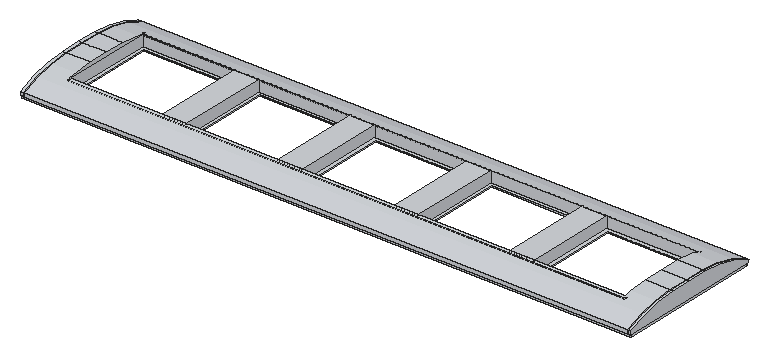
Revit family "Gira_0215728", category Electrical Fixtures, host Face, Revit 2017
Family settings
  Host = Face
  Maintain Annotation Orientation = No
  Round Connector Dimension = Use Diameter
  Part Type = Normal
  Cut with Voids When Loaded = No
  Shared = No
  Room Calculation Point = No
Parameters (values of type "Cov.fr. 5-g interm.fr. AN Gira Event Clear white")
  URL = "http://katalog.gira.de/en/datenblatt.html?artikelnr=0215728"
  Transparent = "No"
  Name = "Cov.fr. 5-g interm.fr. AN Gira Event Clear white"
  Manufacturer URL = "https://www.gira.de/"
  Manufacturer = "Gira"
  Label space/information surface = "No"
  Keynote = ""
  HeinzeBIM = "https://bimportal.heinze.de/bim/cov-fr-5-g-interm-fr-an-gira-event-clear-white/26e46bf3fb8bc53b7db9ffe6964f7ae506a47b87"
  HAN = "0215728"
  GTIN = "4010337068792"
  Description = "Cov.fr.5g i.fr.AN EvCl WH,Gira Event Clear cover frame,white with anthracite intermediate frame,5-gang,Features:,- Shatter-proof."
  Default Elevation = 1219.2 mm
  Data sheet (1) = "https://katalog.gira.de/en/download.html?artikelnr=0215728"
  Category = "Cover frame for domestic switching devices"
  BIM (1) = "https://media.stage.bim.site/public/gira/36a6b08/Event_Rahmen_5fach.rfa"
  Available = "No"
Reference planes
  plane 1 "Center (Front/Back)": y = 0
  plane 2: z = 0
  plane 3 "Center (Left/Right)": x = 0
Forms (mm)
  Extrusion 1, solid, detail levels fine
    sketch origin (0, 0, 0.05) x (0, 1, 0) y (0, 0, 1)
      loop
        arc (12.445, 9.683) -> (6.223, 9.833) -> (0, 9.85) r 291.636
        arc (0, 9.85) -> (-6.223, 9.833) -> (-12.445, 9.683) r 291.636
        arc (-12.445, 9.683) -> (-29.14, 7.482) -> (-45, 1.823) r 79.728
        line (-45, 1.823) -> (-45, -0.05) -> (-42.086, -0.05)
        arc (-42.086, -0.05) -> (-21.385, 5.559) -> (0, 7.206) r 114.424
        arc (0, 7.206) -> (21.385, 5.559) -> (42.086, -0.05) r 114.424
        line (42.086, -0.05) -> (45, -0.05) -> (45, 1.823)
        arc (45, 1.823) -> (29.14, 7.482) -> (12.445, 9.683) r 79.728
    from -185.578 to 185.593
  Extrusion 2, void, detail levels fine
    sketch origin (0, 0, 0) x (1, 0, 0) y (0, 1, 0)
      loop
        line (170.607, 28) -> (-170.593, 28) -> (-170.593, -28) -> (170.607, -28) -> (170.607, 28)
    from 0.724 to 11
  Extrusion 3, solid, detail levels coarse
    sketch origin (0, 0, 0) x (1, 0, 0) y (0, 1, 0)
      loop
        line (-187.578, 45) -> (-187.578, -45) -> (187.593, -45) -> (187.593, 45) -> (-187.578, 45)
    from -1.5 to 9.9
  Extrusion 4, solid, detail levels medium
    sketch origin (0, 0, 0.05) x (0, 1, 0) y (0, 0, 1)
      loop
        arc (12.445, 9.683) -> (6.223, 9.833) -> (0, 9.85) r 291.636
        arc (0, 9.85) -> (-6.223, 9.833) -> (-12.445, 9.683) r 291.636
        arc (-12.445, 9.683) -> (-29.14, 7.482) -> (-45, 1.823) r 79.728
        line (-45, 1.823) -> (-45, -0.05) -> (45, -0.05) -> (45, 1.823)
        arc (45, 1.823) -> (29.14, 7.482) -> (12.445, 9.683) r 79.728
    from -187.578 to 187.593
  Extrusion 5, solid, detail levels fine
    sketch origin (-142.578, 0, -1.5) x (0, 1, 0) y (0, 0, -1)
      loop
        line (45, -3.373) -> (45, -1.5) -> (-45, -1.5) -> (-45, -3.373)
        arc (-45, -3.373) -> (-29.14, -9.032) -> (-12.445, -11.233) r 79.728
        arc (-12.445, -11.233) -> (-6.223, -11.383) -> (0, -11.4) r 291.636
        arc (0, -11.4) -> (6.223, -11.383) -> (12.445, -11.233) r 291.636
        arc (12.445, -11.233) -> (29.14, -9.032) -> (45, -3.373) r 79.728
    from 43 to 45
  Extrusion 6, solid, detail levels fine
    sketch origin (0, 0, 0) x (1, 0, 0) y (0, 1, 0)
      loop
        line (-168.493, 25.7) -> (-168.493, -25.7) -> (-116.693, -25.7) -> (-116.693, 25.7) -> (-168.493, 25.7)
      loop
        line (-45.398, -25.7) -> (-45.398, 25.7) -> (-97.198, 25.7) -> (-97.198, -25.7) -> (-45.398, -25.7)
      loop
        line (-171.487, 28.49) -> (-171.487, -28.495)
        spline (-171.487, -28.495) -> (-171.479, -28.625) -> (-171.453, -28.754) -> (-171.411, -28.878) -> (-171.353, -28.995) -> (-171.281, -29.104) -> (-171.194, -29.202) -> (-171.096, -29.288) -> (-170.987, -29.361) -> (-170.87, -29.419) -> (-170.746, -29.461) -> (-170.618, -29.486) -> (-170.487, -29.495)
        line (-170.487, -29.495) -> (170.502, -29.495)
        spline (170.502, -29.495) -> (170.633, -29.486) -> (170.761, -29.461) -> (170.885, -29.419) -> (171.002, -29.361) -> (171.111, -29.288) -> (171.209, -29.202) -> (171.296, -29.104) -> (171.368, -28.995) -> (171.426, -28.878) -> (171.468, -28.754) -> (171.494, -28.625) -> (171.502, -28.495)
        line (171.502, -28.495) -> (171.502, 28.49)
        spline (171.502, 28.49) -> (171.494, 28.62) -> (171.468, 28.748) -> (171.426, 28.872) -> (171.368, 28.99) -> (171.296, 29.098) -> (171.209, 29.197) -> (171.111, 29.283) -> (171.002, 29.356) -> (170.885, 29.413) -> (170.761, 29.456) -> (170.633, 29.481) -> (170.502, 29.49)
        line (170.502, 29.49) -> (-170.487, 29.49)
        spline (-170.487, 29.49) -> (-170.618, 29.481) -> (-170.746, 29.456) -> (-170.87, 29.413) -> (-170.987, 29.356) -> (-171.096, 29.283) -> (-171.194, 29.197) -> (-171.281, 29.098) -> (-171.353, 28.99) -> (-171.411, 28.872) -> (-171.453, 28.748) -> (-171.479, 28.62) -> (-171.487, 28.49)
      loop
        line (25.902, -25.7) -> (25.902, 25.7) -> (-25.898, 25.7) -> (-25.898, -25.7) -> (25.902, -25.7)
      loop
        line (97.207, -25.7) -> (97.207, 25.7) -> (45.407, 25.7) -> (45.407, -25.7) -> (97.207, -25.7)
      loop
        line (168.507, -25.7) -> (168.507, 25.7) -> (116.707, 25.7) -> (116.707, -25.7) -> (168.507, -25.7)
    from 0.1 to 7.3
  Extrusion 7, solid
    sketch origin (0, 0, 0) x (1, 0, 0) y (0, 1, 0)
      loop
        arc (-187.293, -44.218) -> (-187.146, -44.572) -> (-186.793, -44.718) r 0.5
        line (-186.793, -44.718) -> (186.807, -44.718)
        arc (186.807, -44.718) -> (187.161, -44.572) -> (187.307, -44.218) r 0.5
        line (187.307, -44.218) -> (187.307, 44.182)
        arc (187.307, 44.182) -> (187.161, 44.535) -> (186.807, 44.682) r 0.5
        line (186.807, 44.682) -> (-186.793, 44.682)
        arc (-186.793, 44.682) -> (-187.146, 44.535) -> (-187.293, 44.182) r 0.5
        line (-187.293, 44.182) -> (-187.293, -44.218)
      loop
        line (-185.593, 42.982) -> (-185.593, -43.018) -> (185.607, -43.018) -> (185.607, 42.982) -> (-185.593, 42.982)
    from -1.5 to 0.5
  Extrusion 8, solid, detail levels fine
    sketch origin (142.593, 0, -1.5) x (0, 1, 0) y (0, 0, 1)
      loop
        arc (45, 3.373) -> (29.14, 9.032) -> (12.445, 11.233) r 79.728
        arc (12.445, 11.233) -> (6.223, 11.383) -> (0, 11.4) r 291.636
        arc (0, 11.4) -> (-6.223, 11.383) -> (-12.445, 11.233) r 291.636
        arc (-12.445, 11.233) -> (-29.14, 9.032) -> (-45, 3.373) r 79.728
        line (-45, 3.373) -> (-45, 1.5) -> (45, 1.5) -> (45, 3.373)
    from 43 to 45
  Extrusion 9, solid, detail levels medium
    sketch origin (0, 0, 0) x (1, 0, 0) y (0, 1, 0)
      loop
        line (-187.293, -44.718) -> (187.307, -44.718) -> (187.307, 44.682) -> (-187.293, 44.682) -> (-187.293, -44.718)
    from -1.5 to 0.5
  Extrusion 10, solid, detail levels fine
    sketch origin (-105.5, 0, 0) x (1, 0, 0) y (0, 1, 0)
      loop
        line (-8.943, 28.063) -> (-8.943, -27.937) -> (6.057, -27.937) -> (6.057, 28.063) -> (-8.943, 28.063)
    from 0.724 to 7.566
  Extrusion 11, solid, detail levels fine
    sketch origin (-37.085, 0, 0) x (-1, 0, 0) y (0, -1, 0)
      loop
        line (-8.943, -28.063) -> (6.057, -28.063) -> (6.057, 27.937) -> (-8.943, 27.937) -> (-8.943, -28.063)
    from 0.724 to 7.566
  Extrusion 12, solid, detail levels fine
    sketch origin (105.5, 0, 0) x (-1, 0, 0) y (0, -1, 0)
      loop
        line (-8.943, -28.063) -> (6.057, -28.063) -> (6.057, 27.937) -> (-8.943, 27.937) -> (-8.943, -28.063)
    from 0.724 to 7.566
  Extrusion 13, solid, detail levels fine
    sketch origin (37.085, 0, 0) x (1, 0, 0) y (0, 1, 0)
      loop
        line (-8.943, 28.063) -> (-8.943, -27.937) -> (6.057, -27.937) -> (6.057, 28.063) -> (-8.943, 28.063)
    from 0.724 to 7.566
Cuts and joins
  Extrusion 2 cuts Extrusion 1
  Extrusion 2 cuts Extrusion 6
Dimensions and locks
  aligned and locked: plane 2 to host face
  aligned and locked: level to host face
